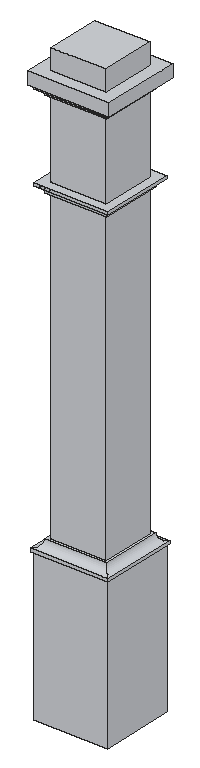
Revit family "M_Poste - Pilar de corrimão", category Balaústres, Revit 2019
Family settings
  Número OmniClass = 23.30.80.11.11.14
  Título OmniClass = Posts, Newel Posts, Pickets
  ID de item do Seek = Post - Newel-0000-CAN-ENU
  Sempre na vertical = Sim
  Corte com vazios quando carregada = Não
  Compartilhado = Não
Parameters (values of type "150mm")
  w1 = Largura / 2  # 75 mm
  built-in parameter 1008623 [instance] = (empty or 0)
  built-in parameter 1008625 [instance] = (empty or 0)
  Material de poste = none
  Largura = 150 mm
  Post = yes
  built-in parameter 1008624 [instance] = (empty or 0)
  built-in parameter 1008622 [instance] = 915 mm
Types (3, lengths in mm): name | w1 | Largura
  (no name) | 75 | 150
  100mm | 50 | 100
  150mm | 75 | 150
Reference planes
  plane 1 "Centro (Frente/Trás)": y = 0
  plane 2: z = 0
  plane 3 "Centro (Esquerda/Direita)": x = 0
  plane 4 "Superior": z = 915
  plane 5: z = 1219.8
  plane 6: x = -75
  plane 7: x = 75
  plane 8: y = -75
  plane 9: y = 75
  plane 10: z = 304.8
  plane 11: z = 975.325
  plane 12: z = 1178.525
Forms (mm)
  Extrusion 1, solid, material <- "Material de poste"
    sketch origin (0, 0, 0) x (1, 0, 0) y (0, 1, 0)
      loop
        line (-75, 75) -> (-75, -75) -> (75, -75) -> (75, 75) -> (-75, 75)
    from 0 to 304.8
  Extrusion 2, solid, material <- "Material de poste"
    sketch origin (0, 0, 0) x (1, 0, 0) y (0, 1, 0)
      loop
        line (-55.95, 55.95) -> (-55.95, -55.95) -> (55.95, -55.95) -> (55.95, 55.95) -> (-55.95, 55.95)
    from 304.8 to 1219.8
  Sweep 3, solid, material <- "Material de poste"
    path origin (0, 0, 0) x (1, 0, 0) y (0, 1, 0)
      loop
        line (55.95, 55.95) -> (-55.95, 55.95) -> (-55.95, -55.95) -> (55.95, -55.95) -> (55.95, 55.95)
    profile origin (0, 0, 0) x (0, -1, 0) y (0, 0, 1)
      loop
        line (-55.95, 1178.525) -> (-81.35, 1178.525) -> (-81.35, 1153.125) -> (-55.95, 1153.125) -> (-55.95, 1178.525)
  Sweep 4, solid, material <- "Material de poste"
    path origin (0, 0, 0) x (1, 0, 0) y (0, 1, 0)
      loop
        line (55.95, 55.95) -> (-55.95, 55.95) -> (-55.95, -55.95) -> (55.95, -55.95) -> (55.95, 55.95)
    profile origin (0, 0, 0) x (0, -1, 0) y (0, 0, 1)
      loop
        line (-55.95, 304.8) -> (-55.95, 327.025) -> (-62.3, 327.025)
        arc (-62.3, 327.025) -> (-66.95, 315.8) -> (-78.175, 311.15) r 15.875
        line (-78.175, 311.15) -> (-78.175, 304.8) -> (-55.95, 304.8)
      loop
        line (-55.95, 975.325) -> (-75, 975.325) -> (-75, 968.975)
        arc (-75, 968.975) -> (-66.02, 965.255) -> (-62.3, 956.275) r 12.7
        line (-62.3, 956.275) -> (-55.95, 956.275) -> (-55.95, 975.325)
      loop
        line (-75, 1153.125) -> (-75, 1146.775) -> (-62.3, 1146.775) -> (-62.3, 1134.075) -> (-55.95, 1134.075) -> (-55.95, 1153.125) -> (-75, 1153.125)
Dimensions and locks
  "built-in parameter 1008622": plane 2 to plane 4 "Superior"
  equal spacing: Extrusion 1 sketch curve, plane 3 "Centro (Esquerda/Direita)", Extrusion 1 sketch curve
  equal spacing: Extrusion 1 sketch curve, plane 1 "Centro (Frente/Trás)", Extrusion 1 sketch curve
  "Largura": Extrusion 1 sketch curve to Extrusion 1 sketch curve  (x2)
  "Largura": plane 6 to plane 7
  "Largura": plane 8 to plane 9
  equal spacing: plane 8, plane 1 "Centro (Frente/Trás)", plane 9
  equal spacing: plane 6, plane 3 "Centro (Esquerda/Direita)", plane 7
  locked: plane 4 "Superior" to plane 5 at 304.8
  locked: plane 6 to Extrusion 2 sketch curve at 19.05
  locked: Extrusion 2 sketch curve to plane 7 at 19.05
  locked: Extrusion 2 sketch curve to plane 8 at 19.05
  locked: Extrusion 2 sketch curve to plane 9 at 19.05
  locked: plane 12 to plane 5 at 41.275
  locked: plane 11 to plane 12 at 203.2
  locked: level to plane 10 at 304.8
  locked: Sweep 3 sketch curve to plane 12 at 25.4
  locked: Sweep 3 sketch curve to Extrusion 2 at 25.4
  locked: plane 10 to Sweep 4 sketch curve at 22.225
  locked: Sweep 4 sketch curve to Extrusion 2 at 22.225
  Sweep 4 sketch curve to plane 11 = 19.05 mm
  aligned and locked: Extrusion 1 to level
  aligned and locked: Extrusion 1 to plane 10
  aligned and locked: Extrusion 2 to Extrusion 1
  aligned and locked: Extrusion 2 to plane 5
  aligned and locked: Sweep 3 sketch curve to Extrusion 2  (x5)
  aligned and locked: Sweep 3 sketch curve to plane 12
  aligned and locked: Sweep 4 sketch curve to Extrusion 2  (x5)
  aligned and locked: Sweep 4 sketch curve to plane 10
  aligned and locked: Sweep 4 sketch curve to plane 11
  aligned and locked: Extrusion 2 to Sweep 4 sketch curve  (x2)
  aligned and locked: Sweep 4 sketch curve to plane 9
  aligned and locked: Sweep 3 to Sweep 4 sketch curve
Automatic sketch dimensions
  Sweep 4 sketch curve to Sweep 4 sketch curve = 19.05 mm  (x2)
  profile plane to Sweep 4 sketch curve = 6.35 mm
  Sweep 4 sketch curve to Sweep 4 sketch curve = 6.35 mm  (x3)
